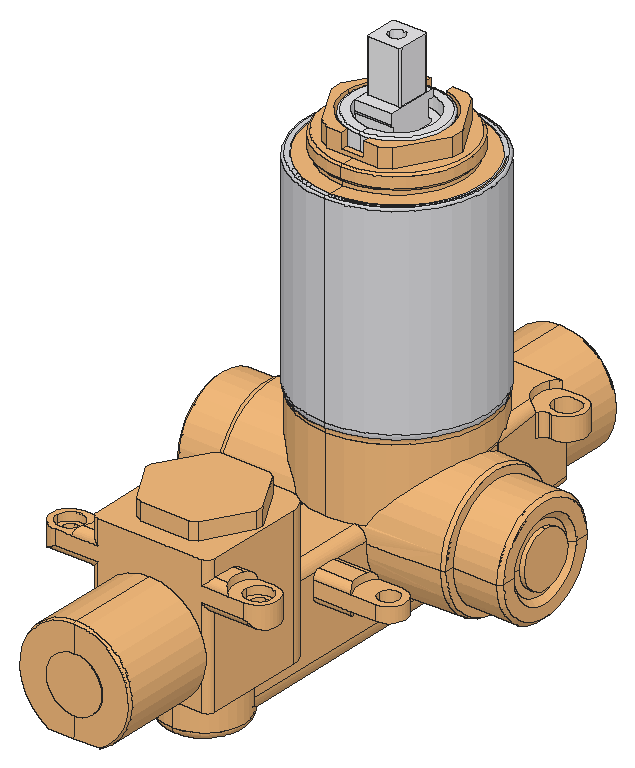
Revit family "Shower-Valve-KOHLER-NATEO-K-880A", category Plumbing Fixtures, host Face, Revit 2017
Family settings
  Host = Face
  Round Connector Dimension = Use Diameter
  Part Type = Normal
  OmniClass Number = 23.31.17.00
  OmniClass Title = Showers
  Cut with Voids When Loaded = No
  Shared = No
  Room Calculation Point = No
Parameters (values of type "CP- Polished Chrome")
  Width = 3 119/256"  # constant formula
  WaterSense Certified = 1 = 0  # no
  Waste Water Outlet = "Waste Water Outlet"  # constant formula
  Waste Connection = 1 = 0  # no
  Vent Connection = 1 = 0  # no
  URL = "https://www.kohlerasiapacific.com/"
  Type = 1
  Tempered watet outlet 1 = "Tempered watet outlet 1"  # constant formula
  Tempered water outlet 2 = "Tempered water outlet 2"  # constant formula
  Product Page URL = ""
  Product Name = "NATEO\r\n"  # constant formula
  Product Documentation Link = ""
  Pressure = 0.00 psi
  Model = if(Type = 1, "K-880A-CP", if(Type = 2, "K-880A-2BZ", if(Type = 3, "K-880A-BL", if(Type = 4, "K-880A-BV", if(Type = 5, "K-880A-RGD", if(Type = 6, "K-880A-TT", "NA"))))))  # "K-880A-CP"
  Material = "Metal construction"  # constant formula
  Master Format 2014 Name = "Residential Showers"  # constant formula
  Master Format 2014 = "22 42 23"  # constant formula
  Manufacturer Address = "No. 158 Jiang Chang San Road, Zhabei District, Shanghai, China\r\n"  # constant formula
  Manufacturer = "KOHLER Co."  # constant formula
  Length = 5 3/8"  # constant formula
  Hot Water Inlet = "Hot Water Inlet"  # constant formula
  Height = 6 127/256"  # constant formula
  HW Connection = 1 = 1  # yes
  Flow Rate = 0 GPM
  Finish = Kohler-Metal-CP-Polished_Chrome
  Environmental Product Declaration = ""
  Drain Included = 1 = 0  # no
  Description = "Recessed Shower Valve"  # constant formula
  Default Elevation = 48 1/32"
  Declare Label = ""
  Date Modified = "08/06/2020"  # constant formula
  Date Created = "08/06/2020"  # constant formula
  Copyright = "Copyright KOHLER Co."  # constant formula
  Contact Us = "https://www.kohlerasiapacific.com/contact-us"
  Cold Water Inlet = "Cold Water Inlet"  # constant formula
  CW Connection = 1 = 1  # yes
  Assembly Code = "D2010700"
  ADA Compliant = 1 = 0  # no
Reference planes (in)
  plane 1 "Center (Front/Back)": y = 0
  plane 2: z = 0
  plane 3 "Center (Left/Right)": x = 0
  plane 4: y = 2.20472
  plane 5: x = -1.73242
  plane 6: x = 1.73242
  plane 7: y = -2.55906
  plane 8: y = -4.29137
  plane 9: z = -2.46017
  plane 10: z = 2.87506
  plane 11: z = -1.43655
  plane 12: z = -2.49994
  plane 13: y = -0.19685
Forms (in)
  Extrusion 1, void
    sketch origin (0, 0, 0) x (0, 1, 0) y (0, 0, 1)
      loop
        line (2.20472, -0.49213) -> (-4.29137, -0.49213) -> (-4.29137, -2.5) -> (2.20472, -2.5) -> (2.20472, -0.49213)
    from -1.73228 to 1.73228
  Revolve 2, void
    sketch origin (0, 0, 0) x (1, 0, 0) y (0, 0, 1)
      loop
        line (0, 0.99418) -> (-0.96471, 0.99418) -> (-0.96471, -0.50899) -> (0, -0.50899) -> (0, 0.99418)
      axis (0, 0.99418) -> (0, -0.50899)
    angle from 0 to 360
  Extrusion 3, void
    sketch origin (0, 0, 0) x (1, 0, 0) y (0, 1, 0)
      loop
        arc (0.58917, -2.5974) -> (0.59045, -2.55906) -> (0.58917, -2.52071) r 0.57429
        line (0.58917, -2.52071) -> (0.32773, -2.06788)
        arc (0.32773, -2.06788) -> (0.29315, -2.04658) -> (0.25728, -2.02756) r 0.6267
        line (0.25728, -2.02756) -> (-0.25755, -2.02756)
        arc (-0.25755, -2.02756) -> (-0.29343, -2.04658) -> (-0.328, -2.06788) r 0.6267
        line (-0.328, -2.06788) -> (-0.58944, -2.52071)
        arc (-0.58944, -2.52071) -> (-0.59072, -2.55906) -> (-0.58944, -2.5974) r 0.57429
        line (-0.58944, -2.5974) -> (-0.328, -3.05023)
        arc (-0.328, -3.05023) -> (-0.29358, -3.07179) -> (-0.25755, -3.09055) r 0.51277
        line (-0.25755, -3.09055) -> (0.25728, -3.09055)
        arc (0.25728, -3.09055) -> (0.2933, -3.07179) -> (0.32773, -3.05023) r 0.51277
        line (0.32773, -3.05023) -> (0.58917, -2.5974)
    from -0.49213 to -0.24256
  Extrusion 4, void
    sketch origin (0, 0, 0) x (1, 0, 0) y (0, 1, 0)
      loop
        circle (-0.0012, 0.00049) r 0.97882
    from -0.49213 to 12
Dimensions and locks (in)
  host face to Extrusion 1 sketch curve = 2 1/2"
  "Height": plane 8 to plane 4
  equal spacing: plane 5, plane 3 "Center (Left/Right)", plane 6
  "Width": plane 5 to plane 6
  locked: plane 11 to plane 9 at 1.02362
  locked: level to plane 12 at 2.49994
  "Length": plane 10 to plane 12
  locked: plane 1 "Center (Front/Back)" to plane 7 at 2.55906
  aligned and locked: plane 2 to host face
  aligned and locked: level to host face
  aligned and locked: plane 4 to nested 1
  aligned and locked: plane 5 to nested 1
  aligned and locked: plane 6 to nested 1
  aligned and locked: plane 7 to nested 1
  aligned and locked: plane 8 to nested 1
  aligned and locked: plane 9 to nested 1
  aligned and locked: plane 10 to nested 1
  aligned and locked: plane 11 to nested 1
  aligned and locked: plane 12 to nested 1
Automatic sketch dimensions
  host sketch curve to host sketch curve = 96"  (x2)
  Extrusion 1 sketch curve to plane 8 = 0"
  Extrusion 1 sketch curve to plane 4 = 0"
  Extrusion 1 sketch curve to level = 0.49213"
  Revolve 2 sketch curve to plane 3 "Center (Left/Right)" = 0"  (x2)
  Revolve 2 sketch curve to plane 5 = 0.76771"
  Revolve 2 sketch curve to level = 0.50899"
  level to Revolve 2 sketch curve = 0.99418"
  Revolve 2 sketch curve to Revolve 2 sketch curve = 0.24418"
  Revolve 2 sketch curve to Revolve 2 sketch curve = 2.25582"
  plane 7 to Extrusion 3 sketch curve = 0"  (x2)
  Extrusion 3 sketch curve to plane 7 = 0.03835"  (x2)
  Extrusion 3 sketch curve to plane 3 "Center (Left/Right)" = 0.58944"
  plane 7 to Extrusion 3 sketch curve = 0.03835"  (x2)
  Extrusion 3 sketch curve to plane 3 "Center (Left/Right)" = 0.328"  (x2)
  Extrusion 3 sketch curve to Extrusion 3 sketch curve = 0.07045"  (x4)
  Extrusion 3 sketch curve to plane 3 "Center (Left/Right)" = 0.03888"
  Extrusion 3 sketch curve to plane 3 "Center (Left/Right)" = 0.01814"
  Extrusion 3 sketch curve to plane 3 "Center (Left/Right)" = 0.01643"
  plane 3 "Center (Left/Right)" to Extrusion 3 sketch curve = 0.01616"
  plane 3 "Center (Left/Right)" to Extrusion 3 sketch curve = 0.01786"
  plane 3 "Center (Left/Right)" to Extrusion 3 sketch curve = 0.0386"
  plane 3 "Center (Left/Right)" to Extrusion 3 sketch curve = 0.25728"  (x2)
  Extrusion 3 sketch curve to Extrusion 3 sketch curve = 0.26144"
  plane 7 to Extrusion 3 sketch curve = 0.06769"  (x2)
  plane 7 to Extrusion 3 sketch curve = 0.49118"
  plane 7 to Extrusion 3 sketch curve = 0.03145"  (x2)
  Extrusion 3 sketch curve to plane 7 = 0.49118"
  Extrusion 4 sketch curve to plane 1 "Center (Front/Back)" = 0.00049"
  Extrusion 4 sketch curve to plane 3 "Center (Left/Right)" = 0.0012"
  radius of Extrusion 4 sketch curve = 0.97882"
Nested families (in)
  nested 1: "K-880A" at (-0.00014, -4.29134, -1.43655) x (1, 0, 0) z (0, 1, 0), type "K-880A"
Connectors (in)
  piping at (-0.00014, -4.29134, -1.43655), diameter 0.5, driven by "Flow Rate", driven by "HW Connection", driven by "Tempered water outlet 2"
    settings: on nested 1, index 2, connector inside diameter 24", connector length 0", flow factor 0, pipe flow 0 GPM, pressure drop 0.00 psi, fitting loss kfactor 0, connector angle 0.00°, fixture units 0, engagement length 0", angle of deflection 0.00°, flow configuration 0, flow direction 2, fitting loss method 0, system type 19, joint type 0, gender type 0, connector reference index -1, connector utility 1, adjustable connector no, is connector primary yes, connector description "Tempered water outlet 2"
  piping at (-0.00014, 2.20472, -1.43655), diameter 0.5, driven by "Flow Rate", driven by "Tempered watet outlet 1", driven by "HW Connection"
    settings: on nested 1, index 3, connector inside diameter 24", connector length 0", flow factor 0, pipe flow 0 GPM, pressure drop 0.00 psi, fitting loss kfactor 0, connector angle 0.00°, fixture units 0, engagement length 0", angle of deflection 0.00°, flow configuration 0, flow direction 2, fitting loss method 0, system type 19, joint type 0, gender type 0, connector reference index -1, connector utility 1, adjustable connector no, is connector primary no, connector description "Tempered watet outlet 1"
  piping at (-1.73242, -0.18526, -1.43655), diameter 0.5, driven by "Flow Rate", driven by "HW Connection", driven by "Hot Water Inlet"
    settings: on nested 1, index 4, connector inside diameter 24", connector length 0", flow factor 0, pipe flow 0 GPM, pressure drop 0.00 psi, fitting loss kfactor 0, connector angle 0.00°, fixture units 0, engagement length 0", angle of deflection 0.00°, flow configuration 0, flow direction 1, fitting loss method 0, system type 19, joint type 0, gender type 0, connector reference index -1, connector utility 1, adjustable connector no, is connector primary no, connector description "Hot Water Inlet"
  piping at (1.73215, -0.18526, -1.43655), diameter 0.5, driven by "Flow Rate", driven by "CW Connection", driven by "Cold Water Inlet"
    settings: on nested 1, index 5, connector inside diameter 24", connector length 0", flow factor 0, pipe flow 0 GPM, pressure drop 0.00 psi, fitting loss kfactor 0, connector angle 0.00°, fixture units 0, engagement length 0", angle of deflection 0.00°, flow configuration 0, flow direction 1, fitting loss method 0, system type 20, joint type 0, gender type 0, connector reference index -1, connector utility 1, adjustable connector no, is connector primary no, connector description "Cold Water Inlet"
Definition of nested family "K-880A"
  Parameters (values of type "K-880A")
    Material = none
    Default Elevation = 48"
  Reference planes (in)
    plane 1 "Center (Front/Back)": y = 0
    plane 2: z = 0
    plane 3 "Center (Left/Right)": x = 0
    plane 4: z = 6.49606
    plane 5: x = 1.73228
    plane 6: x = -1.73228
    plane 7: y = 1.02362
    plane 8 "2": z = 4.29134
    plane 9: z = 1.73228
    plane 10: z = 1.73228
    plane 11: y = -4.31057
    plane 12: z = 0
    plane 13: y = 1.06339
    plane 14: z = 4.09449
  Forms (in)
    Revolve 1, solid, detail levels medium+fine
      sketch origin (0, 0, 0) x (0, 1, 0) y (0, 0, 1)
        loop
          line (0, 6.43701) -> (-0.3588, 6.43701) -> (-0.41785, 6.49606) -> (-0.55549, 6.49606) -> (-0.59055, 6.461) -> (-0.59055, 5.55118) -> (-0.63166, 5.55118) -> (-0.63166, 3.67118) -> (0, 3.67118) -> (0, 6.43701)
        axis (0, 6.49606) -> (0, 3.67118)
      angle from 0 to 360
    Revolve 2, solid, material <- "Material", detail levels medium+fine
      sketch origin (0, 0, 0) x (0, 1, 0) y (0, 0, 1)
        loop
          line (-3.11447, 4.29134) -> (-0.98258, 4.29134) -> (-0.98258, 5.24601)
          arc (-0.98258, 5.24601) -> (-1.00849, 5.25341) -> (-1.03532, 5.25591) r 0.14554
          line (-1.03532, 5.25591) -> (-3.16592, 5.25591)
          arc (-3.16592, 5.25591) -> (-3.1819, 5.24929) -> (-3.18852, 5.23331) r 0.0226
          line (-3.18852, 5.23331) -> (-3.18852, 5.18682) -> (-3.11447, 5.18682) -> (-3.11447, 4.29134)
        axis (-3.18852, 4.29134) -> (-0.98258, 4.29134)
      angle from 0 to 360
    Extrusion 3, solid, detail levels medium+fine
      sketch origin (0, 0, 0) x (1, 0, 0) y (0, 0, 1)
        loop
          arc (0.64674, 4.23043) -> (0.64964, 4.29134) -> (0.64674, 4.35225) r 0.64125
          line (0.64674, 4.35225) -> (0.37612, 4.82098)
          arc (0.37612, 4.82098) -> (0.3248, 4.85392) -> (0.27062, 4.88189) r 0.64924
          line (0.27062, 4.88189) -> (-0.27062, 4.88189)
          arc (-0.27062, 4.88189) -> (-0.3248, 4.85392) -> (-0.37612, 4.82098) r 0.64924
          line (-0.37612, 4.82098) -> (-0.64674, 4.35225)
          arc (-0.64674, 4.35225) -> (-0.64964, 4.29134) -> (-0.64674, 4.23043) r 0.64125
          line (-0.64674, 4.23043) -> (-0.37612, 3.7617)
          arc (-0.37612, 3.7617) -> (-0.32479, 3.72878) -> (-0.27062, 3.70079) r 0.65421
          line (-0.27062, 3.70079) -> (0.27062, 3.70079)
          arc (0.27062, 3.70079) -> (0.32479, 3.72878) -> (0.37612, 3.7617) r 0.65421
          line (0.37612, 3.7617) -> (0.64674, 4.23043)
        loop
          circle (0, 4.29134) r 0.52877
      from 3.37521 to 3.59403
    Extrusion 4, void, detail levels medium+fine
      sketch origin (0, 0, 0) x (1, 0, 0) y (0, 0, 1)
        loop
          line (-0.11811, 4.91623) -> (-0.11811, 4.79455)
          arc (-0.11811, 4.79455) -> (0, 4.80942) -> (0.11811, 4.79455) r 0.47636
          line (0.11811, 4.79455) -> (0.11811, 4.91623) -> (-0.11811, 4.91623)
        loop
          line (-0.11811, 3.66645) -> (0.11811, 3.66645) -> (0.11811, 3.78813)
          arc (0.11811, 3.78813) -> (0, 3.77326) -> (-0.11811, 3.78813) r 0.47636
          line (-0.11811, 3.78813) -> (-0.11811, 3.66645)
      from 3.43655 to 3.85598
    Extrusion 5, solid, detail levels medium+fine
      sketch origin (0, 0, 0) x (0, 1, 0) y (0, 0, 1)
        loop
          line (-3.52753, 4.45669) -> (-3.68065, 4.45669) -> (-3.68065, 4.50007)
          arc (-3.68065, 4.50007) -> (-3.68639, 4.51394) -> (-3.70026, 4.51969) r 0.01962
          line (-3.70026, 4.51969) -> (-3.75939, 4.51969) -> (-3.75939, 3.97244) -> (-3.65112, 3.97244)
          arc (-3.65112, 3.97244) -> (-3.63574, 3.97964) -> (-3.63143, 3.99606) r 0.02001
          line (-3.63143, 3.99606) -> (-3.44192, 3.99606) -> (-3.44192, 4.49507) -> (-3.48339, 4.49507) -> (-3.52753, 4.45669)
      from -0.19685 to 0.19685
    Extrusion 6, solid, detail levels medium+fine
      sketch origin (0, 0, 0) x (1, 0, 0) y (0, 0, 1)
        loop
          arc (0.17717, 4.44882) -> (0.1714, 4.46274) -> (0.15748, 4.4685) r 0.01969
          line (0.15748, 4.4685) -> (-0.15718, 4.4685)
          arc (-0.15718, 4.4685) -> (-0.17131, 4.46265) -> (-0.17717, 4.44852) r 0.01999
          line (-0.17717, 4.44852) -> (-0.17717, 4.13386)
          arc (-0.17717, 4.13386) -> (-0.1714, 4.11994) -> (-0.15748, 4.11417) r 0.01969
          line (-0.15748, 4.11417) -> (0.15748, 4.11417)
          arc (0.15748, 4.11417) -> (0.1714, 4.11994) -> (0.17717, 4.13386) r 0.01969
          line (0.17717, 4.13386) -> (0.17717, 4.44882)
      from 3.75939 to 4.31057
    Revolve 7, solid, detail levels medium+fine
      sketch origin (0, 0, 0) x (1, 0, 0) y (0, 0, 1)
        loop
          line (-1.67323, 4.09449) -> (1.67323, 4.09449) -> (1.67323, 4.45374) -> (1.73228, 4.5128) -> (1.73228, 4.64564) -> (1.69289, 4.68504) -> (1.22047, 4.68504) -> (1.22047, 4.76876)
          arc (1.22047, 4.76876) -> (1.19905, 4.78049) -> (1.17511, 4.78528) r 0.08072
          arc (1.17511, 4.78528) -> (0.00002, 4.81196) -> (-1.17507, 4.78528) r 25.88884
          arc (-1.17507, 4.78528) -> (-1.19901, 4.78054) -> (-1.22047, 4.76894) r 0.08163
          line (-1.22047, 4.76894) -> (-1.22047, 4.68505) -> (-1.69288, 4.68505) -> (-1.73228, 4.64564) -> (-1.73228, 4.5128) -> (-1.67323, 4.45374) -> (-1.67323, 4.09449)
        axis (1.73228, 4.09449) -> (-1.73228, 4.09449)
      angle from 0 to 360
    Extrusion 8, solid, detail levels medium+fine
      sketch origin (0, 0, 0) x (1, 0, 0) y (0, 1, 0)
        loop
          arc (-0.19685, 1.02362) -> (-0.33604, 0.96597) -> (-0.3937, 0.82677) r 0.19685
          line (-0.3937, 0.82677) -> (-0.3937, -0.01923)
          arc (-0.3937, -0.01923) -> (-0.35911, -0.10275) -> (-0.27559, -0.13734) r 0.11811
          line (-0.27559, -0.13734) -> (0.27559, -0.13734)
          arc (0.27559, -0.13734) -> (0.35911, -0.10275) -> (0.3937, -0.01923) r 0.11811
          line (0.3937, -0.01923) -> (0.3937, 0.82677)
          arc (0.3937, 0.82677) -> (0.33604, 0.96597) -> (0.19685, 1.02362) r 0.19685
          line (0.19685, 1.02362) -> (-0.19685, 1.02362)
      from 1.77559 to 5.55118
    Extrusion 9, void
      sketch origin (0, 0, 0) x (0, 1, 0) y (0, 0, 1)
        loop
          arc (0.62992, 5.55118) -> (0.90831, 5.43587) -> (1.02362, 5.15748) r 0.3937
          line (1.02362, 5.15748) -> (1.02362, 5.55118) -> (0.62992, 5.55118)
      from -2.00851 to 3.20253
    SweptBlend 10, solid, detail levels medium+fine
      path origin (0, 0, 0) x (1, 0, 0) y (0, 0, 1)
        loop
          line (0, 5.49213) -> (0, 4.31102)
      profile origin (0, 0, 5.49213) x (0, -1, 0) y (1, 0, 0)
        loop
          arc (0.68852, -0.83632) -> (0.7442, -0.81326) -> (0.76726, -0.75758) r 0.07874
          line (0.76726, -0.75758) -> (0.76726, 0.75758)
          arc (0.76726, 0.75758) -> (0.7442, 0.81326) -> (0.68852, 0.83632) r 0.07874
          line (0.68852, 0.83632) -> (-0.13854, 0.83632)
          arc (-0.13854, 0.83632) -> (-0.19401, 0.81334) -> (-0.21699, 0.75787) r 0.07845
          line (-0.21699, 0.75787) -> (-0.21699, 0.64422)
          arc (-0.21699, 0.64422) -> (-0.23124, 0.59283) -> (-0.26992, 0.55612) r 0.09977
          line (-0.26992, 0.55612) -> (-0.26992, -0.55612)
          arc (-0.26992, -0.55612) -> (-0.23124, -0.59283) -> (-0.21699, -0.64422) r 0.09977
          line (-0.21699, -0.64422) -> (-0.21699, -0.75787)
          arc (-0.21699, -0.75787) -> (-0.19401, -0.81334) -> (-0.13854, -0.83632) r 0.07845
          line (-0.13854, -0.83632) -> (0.68852, -0.83632)
      end profile origin (0, 0, 4.31102) x (0, -1, 0) y (1, 0, 0)
        loop
          arc (0.64915, -0.94488) -> (0.73267, -0.91029) -> (0.76726, -0.82677) r 0.11811
          line (0.76726, -0.82677) -> (0.76726, 0.82677)
          arc (0.76726, 0.82677) -> (0.73267, 0.91029) -> (0.64915, 0.94488) r 0.11811
          line (0.64915, 0.94488) -> (-0.13825, 0.94488)
          arc (-0.13825, 0.94488) -> (-0.19393, 0.92182) -> (-0.21699, 0.86614) r 0.07874
          line (-0.21699, 0.86614) -> (-0.21699, 0.64422)
          arc (-0.21699, 0.64422) -> (-0.23118, 0.59305) -> (-0.2697, 0.5565) r 0.09934
          line (-0.2697, 0.5565) -> (-0.2697, 0) -> (-0.2697, -0.5565)
          arc (-0.2697, -0.5565) -> (-0.23118, -0.59305) -> (-0.21699, -0.64422) r 0.09934
          line (-0.21699, -0.64422) -> (-0.21699, -0.86614)
          arc (-0.21699, -0.86614) -> (-0.19393, -0.92182) -> (-0.13825, -0.94488) r 0.07874
          line (-0.13825, -0.94488) -> (0.64915, -0.94488)
    Extrusion 11, solid, detail levels medium+fine
      sketch origin (0, 0, 0) x (1, 0, 0) y (0, 0, 1)
        loop
          line (-0.68969, 5.49213) -> (-1.00394, 5.49213)
          arc (-1.00394, 5.49213) -> (-1.20079, 5.29528) -> (-1.00394, 5.09843) r 0.19685
          line (-1.00394, 5.09843) -> (-0.96554, 5.09843)
          arc (-0.96554, 5.09843) -> (-0.92359, 5.08637) -> (-0.89445, 5.05388) r 0.079
          arc (-0.89445, 5.05388) -> (-0.87191, 5.02875) -> (-0.83947, 5.01943) r 0.06109
          line (-0.83947, 5.01943) -> (-0.68969, 5.01943) -> (-0.68969, 5.49213)
        loop
          line (0.68969, 5.49213) -> (0.68969, 5.01943) -> (0.83994, 5.01943)
          arc (0.83994, 5.01943) -> (0.87143, 5.02573) -> (0.89263, 5.04984) r 0.05013
          arc (0.89263, 5.04984) -> (0.92173, 5.08517) -> (0.96554, 5.09843) r 0.079
          line (0.96554, 5.09843) -> (1.00394, 5.09843)
          arc (1.00394, 5.09843) -> (1.20079, 5.29528) -> (1.00394, 5.49213) r 0.19685
          line (1.00394, 5.49213) -> (0.68969, 5.49213)
        loop
          circle (-1.00394, 5.29528) r 0.08225
        loop
          circle (1.00394, 5.29528) r 0.08225
      from 0.4523 to 0.68852
    Extrusion 12, void, detail levels medium+fine
      sketch origin (0, 0, 0) x (1, 0, 0) y (0, 0, 1)
        loop
          arc (-0.71601, 5.41339) -> (-0.77351, 5.48258) -> (-0.86011, 5.50696) r 0.15146
          line (-0.86011, 5.50696) -> (-0.91287, 5.05121)
          arc (-0.91287, 5.05121) -> (-0.86223, 5.03378) -> (-0.81159, 5.05121) r 0.08228
          arc (-0.81159, 5.05121) -> (-0.7028, 5.2162) -> (-0.71601, 5.41339) r 0.30956
      from 0.68852 to 0.82632
    Extrusion 13, void, detail levels medium+fine
      sketch origin (0, 0, 0) x (-1, 0, 0) y (0, 0, -1)
        loop
          arc (-0.71601, -5.41339) -> (-0.7028, -5.2162) -> (-0.81159, -5.05121) r 0.30956
          arc (-0.81159, -5.05121) -> (-0.85275, -5.03433) -> (-0.89669, -5.04135) r 0.08228
          line (-0.89669, -5.04135) -> (-0.84285, -5.50645)
          arc (-0.84285, -5.50645) -> (-0.7664, -5.47767) -> (-0.71601, -5.41339) r 0.15146
      from 0.68852 to 0.82632
    Extrusion 14, void, detail levels medium+fine
      sketch origin (0, 0, 0) x (-1, 0, 0) y (0, 0, -1)
        loop
          circle (1.00362, -5.29501) r 0.14173
      from 0.5315 to 1.83025
    Extrusion 15, void, detail levels medium+fine
      sketch origin (0, 0, 0) x (1, 0, 0) y (0, 0, 1)
        loop
          circle (1.00362, 5.29501) r 0.14173
      from 0.5315 to 1.83025
    Extrusion 16, solid, detail levels medium+fine
      sketch origin (0, 0, 0) x (1, 0, 0) y (0, 0, 1)
        loop
          line (0.39349, 2.36221) -> (-0.39393, 2.36221)
          arc (-0.39393, 2.36221) -> (-0.5608, 2.29309) -> (-0.62992, 2.12621) r 0.23599
          line (-0.62992, 2.12621) -> (-0.62992, 1.08193)
          arc (-0.62992, 1.08193) -> (-0.60708, 1.02678) -> (-0.55193, 1.00394) r 0.07799
          line (-0.55193, 1.00394) -> (0.55193, 1.00394)
          arc (0.55193, 1.00394) -> (0.60708, 1.02678) -> (0.62992, 1.08193) r 0.07799
          line (0.62992, 1.08193) -> (0.62992, 2.12578)
          arc (0.62992, 2.12578) -> (0.56067, 2.29296) -> (0.39349, 2.36221) r 0.23643
      from -0.51227 to 0.94443
    Revolve 17, solid, detail levels medium+fine
      sketch origin (0, 0, 0) x (0, 1, 0) y (0, 0, 1)
        loop
          line (0.59101, 1.30906) -> (0.98471, 1.30906)
          arc (0.98471, 1.30906) -> (1.04039, 1.33212) -> (1.06345, 1.3878) r 0.07874
          line (1.06345, 1.3878) -> (1.06345, 1.73228) -> (0.51227, 1.73228) -> (0.51227, 1.23032)
          arc (0.51227, 1.23032) -> (0.53533, 1.286) -> (0.59101, 1.30906) r 0.07874
        axis (1.06345, 1.73228) -> (0.51227, 1.73228)
      angle from 0 to 360
    Extrusion 18, solid, detail levels medium+fine
      sketch origin (0, 0, 0) x (1, 0, 0) y (0, 0, 1)
        loop
          arc (0.32786, 2.22346) -> (0.29329, 2.24476) -> (0.25742, 2.26378) r 0.6267
          line (0.25742, 2.26378) -> (-0.25742, 2.26378)
          arc (-0.25742, 2.26378) -> (-0.29329, 2.24476) -> (-0.32786, 2.22346) r 0.6267
          line (-0.32786, 2.22346) -> (-0.5893, 1.77063)
          arc (-0.5893, 1.77063) -> (-0.59059, 1.73228) -> (-0.5893, 1.69393) r 0.57429
          line (-0.5893, 1.69393) -> (-0.32786, 1.24111)
          arc (-0.32786, 1.24111) -> (-0.29344, 1.21955) -> (-0.25742, 1.20079) r 0.51277
          line (-0.25742, 1.20079) -> (0.25742, 1.20079)
          arc (0.25742, 1.20079) -> (0.29344, 1.21955) -> (0.32786, 1.24111) r 0.51277
          line (0.32786, 1.24111) -> (0.5893, 1.69393)
          arc (0.5893, 1.69393) -> (0.59059, 1.73228) -> (0.5893, 1.77063) r 0.57429
          line (0.5893, 1.77063) -> (0.32786, 2.22346)
      from 0.94443 to 1.12159
    Revolve 19, solid, detail levels medium+fine
      sketch origin (0, 0.00735, 0) x (0, 1, 0) y (0, 0, 1)
        loop
          line (-0.00735, 1.09495) -> (-0.59744, 1.09495) -> (-0.59744, 0.03937)
          arc (-0.59744, 0.03937) -> (-0.59475, 0.01899) -> (-0.58689, 0) r 0.07874
          line (-0.58689, 0) -> (-0.00735, 0) -> (-0.00735, 1.09495)
        axis (-0.00735, 0) -> (-0.00735, 1.09495)
      angle from 0 to 360
    Extrusion 20, solid, detail levels medium+fine
      sketch origin (0, 0, 0) x (0, 1, 0) y (0, 0, 1)
        loop
          arc (0.04115, 3.0315) -> (-0.01546, 3.00805) -> (-0.03891, 2.95143) r 0.08006
          line (-0.03891, 2.95143) -> (-0.03891, 2.75591)
          arc (-0.03891, 2.75591) -> (-0.01585, 2.70023) -> (0.03983, 2.67717) r 0.07875
          line (0.03983, 2.67717) -> (0.19922, 2.67717)
          arc (0.19922, 2.67717) -> (0.25355, 2.69967) -> (0.27605, 2.75399) r 0.07682
          line (0.27605, 2.75399) -> (0.27605, 2.95419)
          arc (0.27605, 2.95419) -> (0.2534, 3.00885) -> (0.19874, 3.0315) r 0.07731
          line (0.19874, 3.0315) -> (0.04115, 3.0315)
      from 0.19685 to 0.87661
    Extrusion 21, void, detail levels medium+fine
      sketch origin (0, 0, 0) x (1, 0, 0) y (0, 0, 1)
        loop
          line (-0.80258, 3.0315) -> (-0.91954, 3.0315) -> (-0.91954, 2.67717) -> (-0.80258, 2.67717)
          arc (-0.80258, 2.67717) -> (-0.74738, 2.85433) -> (-0.80258, 3.0315) r 0.3119
      from -0.03983 to 0.289
    Extrusion 22, void, detail levels medium+fine
      sketch origin (0, 0.23989, 0) x (1, 0, 0) y (0, 0, -1)
        loop
          arc (-0.80258, -3.0315) -> (-0.74738, -2.85433) -> (-0.80258, -2.67717) r 0.3119
          line (-0.80258, -2.67717) -> (-0.91954, -2.67717) -> (-0.91954, -3.0315) -> (-0.80258, -3.0315)
      from -0.03983 to 0.289
    Extrusion 23, void, detail levels medium+fine
      sketch origin (0, 0, 0) x (-1, 0, 0) y (0, 0, -1)
        loop
          arc (-0.80258, -3.0315) -> (-0.74738, -2.85433) -> (-0.80258, -2.67717) r 0.3119
          line (-0.80258, -2.67717) -> (-0.91954, -2.67717) -> (-0.91954, -3.0315) -> (-0.80258, -3.0315)
      from -0.03983 to 0.289
    Extrusion 24, void, detail levels medium+fine
      sketch origin (0, 0.23989, 0) x (-1, 0, 0) y (0, 0, 1)
        loop
          line (-0.80258, 3.0315) -> (-0.91954, 3.0315) -> (-0.91954, 2.67717) -> (-0.80258, 2.67717)
          arc (-0.80258, 2.67717) -> (-0.74738, 2.85433) -> (-0.80258, 3.0315) r 0.3119
      from -0.03983 to 0.289
    Extrusion 25, solid, detail levels medium+fine
      sketch origin (0, 0, 0) x (0, 1, 0) y (0, 0, -1)
        loop
          line (0.04115, -3.0315) -> (0.19874, -3.0315)
          arc (0.19874, -3.0315) -> (0.2534, -3.00885) -> (0.27605, -2.95419) r 0.07731
          line (0.27605, -2.95419) -> (0.27605, -2.75399)
          arc (0.27605, -2.75399) -> (0.25355, -2.69967) -> (0.19922, -2.67717) r 0.07682
          line (0.19922, -2.67717) -> (0.03983, -2.67717)
          arc (0.03983, -2.67717) -> (-0.01585, -2.70023) -> (-0.03891, -2.75591) r 0.07875
          line (-0.03891, -2.75591) -> (-0.03891, -2.95143)
          arc (-0.03891, -2.95143) -> (-0.01546, -3.00805) -> (0.04115, -3.0315) r 0.08006
      from 0.19685 to 0.87661
    Extrusion 26, solid, detail levels medium+fine
      sketch origin (0, 0, 0) x (1, 0, 0) y (0, 0, 1)
        loop
          line (0.87661, 3.0315) -> (0.87661, 2.67717) -> (1.06299, 2.67717)
          arc (1.06299, 2.67717) -> (1.24016, 2.85433) -> (1.06299, 3.0315) r 0.17717
          line (1.06299, 3.0315) -> (0.87661, 3.0315)
        loop
          circle (1.06299, 2.85433) r 0.1066
      from -0.19731 to -0.03983
    Extrusion 27, solid, detail levels medium+fine
      sketch origin (0, 0, 0) x (-1, 0, 0) y (0, 0, -1)
        loop
          line (0.87661, -3.0315) -> (1.06299, -3.0315)
          arc (1.06299, -3.0315) -> (1.24016, -2.85433) -> (1.06299, -2.67717) r 0.17717
          line (1.06299, -2.67717) -> (0.87661, -2.67717) -> (0.87661, -3.0315)
        loop
          circle (1.06299, -2.85433) r 0.10825
      from -0.19731 to -0.03983
    Extrusion 28, solid, detail levels medium+fine
      sketch origin (0, 0, 0) x (0, 1, 0) y (0, 0, 1)
        loop
          arc (-0.68801, 1.39764) -> (-0.74477, 1.37413) -> (-0.76828, 1.31737) r 0.08027
          line (-0.76828, 1.31737) -> (-0.76828, 1.0825)
          arc (-0.76828, 1.0825) -> (-0.74527, 1.02695) -> (-0.68972, 1.00394) r 0.07856
          line (-0.68972, 1.00394) -> (-0.53104, 1.00394)
          arc (-0.53104, 1.00394) -> (-0.47536, 1.027) -> (-0.4523, 1.08268) r 0.07874
          line (-0.4523, 1.08268) -> (-0.4523, 1.31802)
          arc (-0.4523, 1.31802) -> (-0.47562, 1.37432) -> (-0.53192, 1.39764) r 0.07962
          line (-0.53192, 1.39764) -> (-0.68801, 1.39764)
      from 0.1377 to 1.22434
    Extrusion 29, void, detail levels medium+fine
      sketch origin (0, 0, 0) x (1, 0, 0) y (0, 0, 1)
        loop
          arc (0.82541, 1.39764) -> (0.74272, 1.20079) -> (0.82541, 1.00394) r 0.27565
          line (0.82541, 1.00394) -> (1.28403, 1.00394) -> (1.28403, 1.39764) -> (0.82541, 1.39764)
      from 0.68852 to 1.83025
    Extrusion 30, void
      sketch origin (0, 0, 0) x (1, 0, 0) y (0, 0, 1)
        loop
          arc (1.00394, 1.39764) -> (1.20079, 1.20079) -> (1.00394, 1.00394) r 0.19685
          line (1.00394, 1.00394) -> (1.29402, 1.00394) -> (1.29402, 1.39764) -> (1.00394, 1.39764)
      from 0 to 1.67277
    Extrusion 31, void
      sketch origin (0, 0, 0) x (1, 0, 0) y (0, 0, 1)
        loop
          circle (1.00272, 1.20016) r 0.14173
      from 0.60651 to 3.18852
    Extrusion 32, void
      sketch origin (0, 0, 0) x (1, 0, 0) y (0, 0, 1)
        loop
          circle (1.00387, 1.20072) r 0.08268
      from -1.60727 to 1.02111
    Extrusion 33, solid, detail levels medium+fine
      sketch origin (0, 0, 0) x (0, 1, 0) y (0, 0, -1)
        loop
          line (-0.68801, -1.39764) -> (-0.53192, -1.39764)
          arc (-0.53192, -1.39764) -> (-0.47562, -1.37432) -> (-0.4523, -1.31802) r 0.07962
          line (-0.4523, -1.31802) -> (-0.4523, -1.08268)
          arc (-0.4523, -1.08268) -> (-0.47536, -1.027) -> (-0.53104, -1.00394) r 0.07874
          line (-0.53104, -1.00394) -> (-0.68972, -1.00394)
          arc (-0.68972, -1.00394) -> (-0.74527, -1.02695) -> (-0.76828, -1.0825) r 0.07856
          line (-0.76828, -1.0825) -> (-0.76828, -1.31737)
          arc (-0.76828, -1.31737) -> (-0.74477, -1.37413) -> (-0.68801, -1.39764) r 0.08027
      from 0.1377 to 1.22434
    Extrusion 34, void, detail levels medium+fine
      sketch origin (0, 0, 0) x (-1, 0, 0) y (0, 0, -1)
        loop
          line (0.82541, -1.39764) -> (1.28403, -1.39764) -> (1.28403, -1.00394) -> (0.82541, -1.00394)
          arc (0.82541, -1.00394) -> (0.74272, -1.20079) -> (0.82541, -1.39764) r 0.27565
      from 0.68852 to 1.83025
    Extrusion 35, void
      sketch origin (0, 0, 0) x (-1, 0, 0) y (0, 0, -1)
        loop
          line (1.00394, -1.39764) -> (1.29402, -1.39764) -> (1.29402, -1.00394) -> (1.00394, -1.00394)
          arc (1.00394, -1.00394) -> (1.20079, -1.20079) -> (1.00394, -1.39764) r 0.19685
      from 0 to 1.67277
    Extrusion 36, void
      sketch origin (0, 0, 0) x (-1, 0, 0) y (0, 0, -1)
        loop
          circle (1.00272, -1.20016) r 0.14173
      from 0.60651 to 3.18852
    Extrusion 37, void
      sketch origin (0, 0, 0) x (-1, 0, 0) y (0, 0, -1)
        loop
          circle (1.00387, -1.20072) r 0.08268
      from -1.60727 to 1.02111
    Extrusion 38, void
      sketch origin (0, 0, 0) x (1, 0, 0) y (0, 0, 1)
        loop
          circle (-0.00106, 4.29183) r 0.08268
      from 2.40877 to 5.36699
    Extrusion 39, void
      sketch origin (0, 0, 0) x (1, 0, 0) y (0, 1, 0)
        loop
          line (0.32579, 0.51227) -> (0.32579, 0.61637) -> (-0.34239, 0.61637) -> (-0.34239, 0.51227) -> (0.32579, 0.51227)
      from 0 to 1.12205
    Revolve 40, solid, material <- "Material", detail levels coarse
      sketch origin (0, 0, 0) x (0, 1, 0) y (0, 0, 1)
        loop
          line (-3.75939, 4.29134) -> (0.12373, 4.29134) -> (0.12373, 5.25591) -> (-3.75939, 5.25591) -> (-3.75939, 4.29134)
        axis (-3.75939, 4.29134) -> (0.12373, 4.29134)
      angle from 0 to 360
    Extrusion 41, solid, detail levels coarse
      sketch origin (0, 0, 0) x (0, 1, 0) y (0, 0, 1)
        loop
          line (-3.75939, 4.4685) -> (-4.31057, 4.4685) -> (-4.31057, 4.11417) -> (-3.75939, 4.11417) -> (-3.75939, 4.4685)
      from -0.17717 to 0.17717
    Revolve 42, solid, detail levels coarse
      sketch origin (0, 0, 0) x (0, 1, 0) y (0, 0, 1)
        loop
          line (0, 6.49606) -> (0, 4.97249) -> (0.59055, 4.97249) -> (0.59055, 6.49606) -> (0, 6.49606)
        axis (0, 6.49606) -> (0, 4.97249)
      angle from 0 to 360
    Revolve 43, solid, detail levels coarse
      sketch origin (0, 0, 0) x (1, 0, 0) y (0, 0, 1)
        loop
          line (-1.73228, 4.09449) -> (1.73228, 4.09449) -> (1.73228, 4.78528) -> (-1.73228, 4.78528) -> (-1.73228, 4.09449)
        axis (-1.73228, 4.09449) -> (1.73228, 4.09449)
      angle from 0 to 360
    Extrusion 44, solid, detail levels coarse
      sketch origin (0, 0, 0) x (1, 0, 0) y (0, 1, 0)
        loop
          line (-1.20079, -0.68852) -> (1.22047, -0.68852) -> (1.22047, 0.27761) -> (-1.20079, 0.27761) -> (-1.20079, -0.68852)
      from 4.11417 to 5.49213
    Extrusion 45, solid, detail levels coarse
      sketch origin (0, 0, 0) x (0, 1, 0) y (0, 0, 1)
        loop
          line (-0.13734, 1.73228) -> (1.02362, 1.73228) -> (1.02362, 5.55118) -> (-0.13734, 5.55118) -> (-0.13734, 1.73228)
      from -0.3937 to 0.3937
    Extrusion 46, solid, detail levels coarse
      sketch origin (0, 0, 0) x (1, 0, 0) y (0, 0, 1)
        loop
          line (-0.62992, 1.00394) -> (0.62992, 1.00394) -> (0.62992, 2.36421) -> (-0.62992, 2.36421) -> (-0.62992, 1.00394)
      from -0.51227 to 0.94443
    Extrusion 47, solid, detail levels coarse
      sketch origin (0, 0, 0) x (1, 0, 0) y (0, 0, 1)
        loop
          line (-0.30459, 2.26378) -> (-0.61145, 1.73228) -> (-0.30459, 1.20079) -> (0.30459, 1.20079) -> (0.61145, 1.73228) -> (0.30459, 2.26378) -> (-0.30459, 2.26378)
      from 0.94443 to 1.12159
    Revolve 48, solid, detail levels coarse
      sketch origin (0, 0, 0) x (0, 1, 0) y (0, 0, 1)
        loop
          line (1.06339, 1.73228) -> (0.23753, 1.73228) -> (0.23753, 1.3058) -> (1.06339, 1.3058) -> (1.06339, 1.73228)
        axis (1.06339, 1.73228) -> (0.23753, 1.73228)
      angle from 0 to 360
    Revolve 49, solid, detail levels coarse
      sketch origin (0, 0, 0) x (0, 1, 0) y (0, 0, 1)
        loop
          line (0, 0) -> (0, 1.00394) -> (-0.59009, 1.00394) -> (-0.59009, 0) -> (0, 0)
        axis (0, 0) -> (0, 1.00394)
      angle from 0 to 360
    Extrusion 50, solid, detail levels coarse
      sketch origin (0, 0, 0) x (0, 1, 0) y (0, 0, 1)
        loop
          line (-0.4523, 1.39764) -> (-0.76828, 1.39764) -> (-0.76828, 1.00394) -> (-0.4523, 1.00394) -> (-0.4523, 1.39764)
        loop
          line (-0.03891, 3.0315) -> (-0.03891, 2.67717) -> (0.27605, 2.67717) -> (0.27605, 3.0315) -> (-0.03891, 3.0315)
      from -1.24898 to 1.24518
    Extrusion 51, solid
      sketch origin (0, 0, 0) x (1, 0, 0) y (0, 1, 0)
        loop
          circle (0, 0) r 0.29654
      from 0 to 0.35207
    Extrusion 52, solid
      sketch origin (0, 0, 0) x (1, 0, 0) y (0, 1, 0)
        loop
          circle (0, 0) r 0.34157
      from 5.91752 to 6.49606
    Extrusion 53, solid
      sketch origin (0, 0, 0) x (0, 1, 0) y (0, 0, 1)
        loop
          circle (0, 4.10608) r 0.28611
      from -1.73228 to 1.73228
    Revolve 54, solid, detail levels medium+fine
      sketch origin (0, 0, 0) x (0, 1, 0) y (0, 0, 1)
        loop
          line (-3.18852, 5.00984) -> (-3.22986, 5.00984) -> (-3.25943, 5.03941) -> (-3.37521, 5.03941) -> (-3.39718, 5.01744) -> (-3.39718, 4.29134) -> (-3.04403, 4.29134) -> (-3.04403, 5.20621) -> (-3.18852, 5.20621) -> (-3.18852, 5.00984)
        axis (-3.39718, 4.29134) -> (-3.04403, 4.29134)
      angle from 0 to 360
    Revolve 55, solid, detail levels medium+fine
      sketch origin (0, 0, 0) x (0, 1, 0) y (0, 0, 1)
        loop
          line (-0.01723, 4.29134) -> (-0.01723, 5.23623) -> (-0.93353, 5.23623)
          arc (-0.93353, 5.23623) -> (-0.95854, 5.2387) -> (-0.98258, 5.24601) r 0.12779
          line (-0.98258, 5.24601) -> (-0.98258, 4.29134) -> (-0.01723, 4.29134)
        axis (-0.98258, 4.29134) -> (-0.01723, 4.29134)
      angle from 0 to 360
    Revolve 56, solid, detail levels medium+fine
      sketch origin (0, 0, 0) x (0, 1, 0) y (0, 0, 1)
        loop
          arc (-3.57043, 4.79261) -> (-3.58712, 4.78569) -> (-3.59403, 4.76901) r 0.0236
          line (-3.59403, 4.76901) -> (-3.59403, 4.67946) -> (-3.45827, 4.67946) -> (-3.45827, 4.29134) -> (-3.39718, 4.29134) -> (-3.39718, 4.79261) -> (-3.57043, 4.79261)
        axis (-3.59403, 4.29134) -> (-3.39718, 4.29134)
      angle from 0 to 360
  Cuts and joins
    Extrusion 38 cuts Revolve 7
    Extrusion 9, Extrusion 38, Extrusion 39 cuts Extrusion 8
    Extrusion 12, Extrusion 13, Extrusion 14, Extrusion 15, Extrusion 38, Extrusion 39 cuts SweptBlend 10
    Extrusion 14, Extrusion 15, Extrusion 38, Extrusion 39 cuts Extrusion 11
    Extrusion 21, Extrusion 22, Extrusion 23, Extrusion 24, Extrusion 38, Extrusion 39 cuts Extrusion 20
    Extrusion 21, Extrusion 22, Extrusion 38, Extrusion 39 cuts Extrusion 25
    Extrusion 38, Extrusion 39 cuts Extrusion 26
    Extrusion 38, Extrusion 39 cuts Extrusion 27
    joined: Revolve 7, Extrusion 8, SweptBlend 10, Extrusion 11, Extrusion 20, Extrusion 25, Extrusion 26, Extrusion 27
    Extrusion 39 cuts Extrusion 16
    Extrusion 39 cuts Revolve 17
    Extrusion 39 cuts Extrusion 18
    Extrusion 39 cuts Revolve 19
    Extrusion 29, Extrusion 30, Extrusion 31, Extrusion 32, Extrusion 34, Extrusion 35, Extrusion 36, Extrusion 37, Extrusion 39 cuts Extrusion 28
    Extrusion 34, Extrusion 35, Extrusion 36, Extrusion 37, Extrusion 39 cuts Extrusion 33
    joined: Extrusion 16, Revolve 17, Extrusion 18, Revolve 19, Extrusion 28, Extrusion 33
    Extrusion 30, Extrusion 35 cuts Extrusion 50
    joined: Extrusion 44, Extrusion 45, Extrusion 46, Extrusion 47, Revolve 48, Revolve 49, Extrusion 50
    Extrusion 4, Extrusion 38 cuts Extrusion 3
    joined: Extrusion 3, Revolve 54
    Extrusion 38 cuts Extrusion 5
    Extrusion 38 cuts Extrusion 6
    joined: Extrusion 5, Extrusion 6
    Extrusion 4, Extrusion 38 cuts Revolve 2
    Extrusion 38 cuts Revolve 1
  Lines and regions (in)
    Masking region 1, detail levels medium+fine
      outline origin (0, 0, 0) x (1, 0, 0) y (0, 1, 0)
        loop
          line (0.00005, 1.06345) -> (-0.34438, 1.06345)
          arc (-0.34438, 1.06345) -> (-0.40013, 1.04035) -> (-0.42323, 0.9846) r 0.07885
          line (-0.42323, 0.9846) -> (-0.42323, 0.71358)
          arc (-0.42323, 0.71358) -> (-0.79939, 0.70486) -> (-1.1754, 0.69077) r 26.36747
          arc (-1.1754, 0.69077) -> (-1.19903, 0.68618) -> (-1.22047, 0.67491) r 0.08298
          line (-1.22047, 0.67491) -> (-1.22047, 0.59056) -> (-1.69288, 0.59056) -> (-1.73228, 0.55116) -> (-1.73228, 0) -> (-1.73228, -0.55116) -> (-1.69288, -0.59056) -> (-1.22047, -0.59056) -> (-1.22047, -0.67538)
          arc (-1.22047, -0.67538) -> (-1.19889, -0.68684) -> (-1.1749, -0.69151) r 0.08298
          arc (-1.1749, -0.69151) -> (-1.08672, -0.6953) -> (-0.99852, -0.69879) r 26.36747
          arc (-0.99852, -0.69879) -> (-0.96048, -0.71583) -> (-0.94489, -0.75449) r 0.05574
          line (-0.94489, -0.75449) -> (-0.94489, -0.93403)
          arc (-0.94489, -0.93403) -> (-0.94706, -0.95726) -> (-0.95351, -0.97969) r 0.12531
          arc (-0.95351, -0.97969) -> (-0.96178, -1.00849) -> (-0.96457, -1.03832) r 0.1609
          line (-0.96457, -1.03832) -> (-0.96457, -3.16861)
          arc (-0.96457, -3.16861) -> (-0.95874, -3.18269) -> (-0.94466, -3.18852) r 0.01991
          line (-0.94466, -3.18852) -> (-0.7185, -3.18852) -> (-0.7185, -3.22986) -> (-0.74807, -3.25943) -> (-0.74807, -3.37521) -> (-0.7261, -3.39718) -> (-0.64961, -3.39718) -> (-0.64961, -3.55466) -> (-0.58142, -3.59403) -> (-0.19685, -3.59403) -> (-0.19685, -3.75939) -> (-0.17717, -3.7875) -> (-0.17717, -4.28626) -> (-0.15748, -4.31057) -> (0.00005, -4.31057) -> (0.15748, -4.31057) -> (0.17717, -4.28626) -> (0.17717, -3.7875) -> (0.19685, -3.75939) -> (0.19685, -3.59403) -> (0.58142, -3.59403) -> (0.64961, -3.55466) -> (0.64961, -3.39718) -> (0.7261, -3.39718) -> (0.74807, -3.37521) -> (0.74807, -3.25943) -> (0.7185, -3.22986) -> (0.7185, -3.18852) -> (0.94466, -3.18852)
          arc (0.94466, -3.18852) -> (0.95874, -3.18269) -> (0.96457, -3.16861) r 0.01991
          line (0.96457, -3.16861) -> (0.96457, -1.03832)
          arc (0.96457, -1.03832) -> (0.96178, -1.00849) -> (0.95351, -0.97969) r 0.1609
          arc (0.95351, -0.97969) -> (0.94706, -0.95726) -> (0.94489, -0.93403) r 0.12531
          line (0.94489, -0.93403) -> (0.94489, -0.75482)
          arc (0.94489, -0.75482) -> (0.96057, -0.71592) -> (0.99885, -0.69878) r 0.05609
          arc (0.99885, -0.69878) -> (1.08688, -0.69529) -> (1.1749, -0.69151) r 26.36747
          arc (1.1749, -0.69151) -> (1.19889, -0.68684) -> (1.22047, -0.67538) r 0.08298
          line (1.22047, -0.67538) -> (1.22047, -0.59056) -> (1.69288, -0.59056) -> (1.73228, -0.55116) -> (1.73228, 0) -> (1.73228, 0.55116) -> (1.69288, 0.59056) -> (1.22047, 0.59056) -> (1.22047, 0.67491)
          arc (1.22047, 0.67491) -> (1.19903, 0.68618) -> (1.17525, 0.69078) r 0.08298
          arc (1.17525, 0.69078) -> (0.79939, 0.70486) -> (0.42323, 0.71358) r 26.36747
          line (0.42323, 0.71358) -> (0.42323, 0.9846)
          arc (0.42323, 0.9846) -> (0.40013, 1.04035) -> (0.34438, 1.06345) r 0.07885
          line (0.34438, 1.06345) -> (0.00005, 1.06345)
    Masking region 2
      outline origin (0, 0, 0) x (0, 1, 0) y (0, 0, 1)
        loop
          line (-4.31057, 4.4685) -> (-4.31057, 4.11417) -> (-3.75939, 4.11417) -> (-3.75939, 3.97244) -> (-3.65112, 3.97244)
          arc (-3.65112, 3.97244) -> (-3.63574, 3.97964) -> (-3.63143, 3.99606) r 0.02001
          line (-3.63143, 3.99606) -> (-3.59403, 3.99606) -> (-3.59403, 3.70079) -> (-3.39718, 3.70079) -> (-3.39718, 3.56524) -> (-3.37521, 3.54327) -> (-3.25943, 3.54327) -> (-3.22986, 3.57284) -> (-3.18852, 3.57284) -> (-3.18852, 3.35003)
          arc (-3.18852, 3.35003) -> (-3.18171, 3.33358) -> (-3.16526, 3.32677) r 0.02326
          line (-3.16526, 3.32677) -> (-1.0415, 3.32677)
          arc (-1.0415, 3.32677) -> (-1.01144, 3.32813) -> (-0.98258, 3.33666) r 0.12452
          arc (-0.98258, 3.33666) -> (-0.9412, 3.34677) -> (-0.89861, 3.34645) r 0.17293
          line (-0.89861, 3.34645) -> (-0.13734, 3.34645) -> (-0.13734, 2.36221) -> (-0.94443, 2.36221) -> (-0.94443, 2.26378) -> (-1.12159, 2.26378) -> (-1.12159, 1.20079) -> (-0.94443, 1.20079) -> (-0.94443, 1.00394) -> (-0.59009, 1.00394) -> (-0.59009, 0.03939)
          arc (-0.59009, 0.03939) -> (-0.58752, 0.01897) -> (-0.57954, 0) r 0.07567
          line (-0.57954, 0) -> (0.51227, 0) -> (0.51227, 1.23044)
          arc (0.51227, 1.23044) -> (0.53529, 1.28603) -> (0.59089, 1.30906) r 0.07862
          line (0.59089, 1.30906) -> (0.98459, 1.30906)
          arc (0.98459, 1.30906) -> (1.04043, 1.33352) -> (1.06339, 1.39001) r 0.08098
          line (1.06339, 1.39001) -> (1.06339, 2.07555)
          arc (1.06339, 2.07555) -> (1.05278, 2.1158) -> (1.02362, 2.14549) r 0.08114
          line (1.02362, 2.14549) -> (1.02362, 5.15748)
          arc (1.02362, 5.15748) -> (0.90831, 5.43587) -> (0.62992, 5.55118) r 0.3937
          line (0.62992, 5.55118) -> (0.59055, 5.55118) -> (0.59055, 6.461) -> (0.55549, 6.49606) -> (-0.55549, 6.49606) -> (-0.59055, 6.461) -> (-0.59055, 5.55118) -> (-0.63166, 5.55118) -> (-0.63166, 5.49213) -> (-0.76726, 5.49213) -> (-0.76726, 5.23623) -> (-0.89861, 5.23623)
          arc (-0.89861, 5.23623) -> (-0.9412, 5.23591) -> (-0.98258, 5.24601) r 0.17293
          arc (-0.98258, 5.24601) -> (-1.01144, 5.25455) -> (-1.0415, 5.25591) r 0.12452
          line (-1.0415, 5.25591) -> (-3.16526, 5.25591)
          arc (-3.16526, 5.25591) -> (-3.18171, 5.24909) -> (-3.18852, 5.23265) r 0.02326
          line (-3.18852, 5.23265) -> (-3.18852, 5.00984) -> (-3.22986, 5.00984) -> (-3.25943, 5.03941) -> (-3.37521, 5.03941) -> (-3.39718, 5.01744) -> (-3.39718, 4.88189) -> (-3.59403, 4.88189) -> (-3.59403, 4.45669) -> (-3.68065, 4.45669) -> (-3.68065, 4.50007)
          arc (-3.68065, 4.50007) -> (-3.68639, 4.51394) -> (-3.70026, 4.51969) r 0.01962
          line (-3.70026, 4.51969) -> (-3.75939, 4.51969) -> (-3.75939, 4.4685) -> (-4.31057, 4.4685)
    Masking region 3, detail levels medium+fine
      outline origin (0, 0, 0) x (1, 0, 0) y (0, 0, 1)
        loop
          circle (0, 4.29134) r 0.96457
    symbolic lines, detail levels medium+fine
      curve 1: arc (-0.19685, 1.02362, 0) -> (-0.33604, 0.96597, 0) -> (-0.3937, 0.82677, 0) r 0.19685
      curve 2: arc (0.3937, 0.82677, 0) -> (0.33604, 0.96597, 0) -> (0.19685, 1.02362, 0) r 0.19685
      curve 3: line (0.3937, 0.49395, 0) -> (0.3937, 0.82677, 0)
      curve 4: line (-0.3937, 0.82677, 0) -> (-0.3937, 0.49395, 0)
      curve 5: line (-0.19685, 1.02362, 0) -> (0.19685, 1.02362, 0)
      curve 6: line (-0.42321, 0.98471, 0) -> (-0.31435, 0.98471, 0)
      curve 7: line (0.42321, 0.98471, 0) -> (0.31435, 0.98471, 0)
      curve 8: line (-1.69288, 0.59056, 0) -> (-1.69288, -0.59056, 0)
      curve 9: line (-1.17511, 0.69078, 0) -> (-1.17511, -0.46842, 0)
      curve 10: circle (0, 0, 0) r 0.3588 normal (0, 0, 1)
      curve 11: circle (0, 0, 0) r 0.41785 normal (0, 0, 1)
      curve 12: circle (0, 0, 0) r 0.55549 normal (0, 0, 1)
      curve 13: circle (0, 0, 0) r 0.63166 normal (0, 0, 1)
      curve 14: line (1.17511, 0.69078, 0) -> (1.17511, -0.4523, 0)
      curve 15: line (-0.16587, -0.68852, 0) -> (-0.14794, -0.61409, 0)
      curve 16: arc (-0.16587, -0.68852, 0) -> (-0.61816, -0.34696, 0) -> (-0.67463, 0.21699, 0) r 0.70754
      curve 17: line (-0.96426, -1.03498, 0) -> (0.96422, -1.03498, 0)
      curve 18: line (1.20079, -0.68852, 0) -> (-1.20079, -0.68852, 0)
      curve 19: circle (0, 0, 0) r 0.59055 normal (0, 0, 1)
      curve 20: line (-1.22047, 0.59056, 0) -> (-1.22047, -0.59056, 0)
      curve 21: line (1.22047, 0.59056, 0) -> (1.22047, -0.59055, 0)
      curve 22: line (-0.95468, -0.98258, 0) -> (0.95433, -0.98258, 0)
      curve 23: line (-0.96178, -1.00849, 0) -> (0.96178, -1.00849, 0)
      curve 24: line (-0.96457, -3.16861, 0) -> (0.96457, -3.16861, 0)
      curve 25: line (-0.7185, -3.18852, 0) -> (0.7185, -3.18852, 0)
      curve 26: line (-0.7185, -3.22986, 0) -> (0.7185, -3.22986, 0)
      curve 27: line (0.74807, -3.25943, 0) -> (-0.74807, -3.25943, 0)
      curve 28: line (-0.74807, -3.37521, 0) -> (0.74807, -3.37521, 0)
      curve 29: line (-0.69004, -3.39718, 0) -> (0.64674, -3.39718, 0)
      curve 30: line (0.11811, -3.59403, 0) -> (0.11811, -3.43655, 0)
      curve 31: line (-0.11811, -3.43655, 0) -> (-0.11811, -3.59403, 0)
      curve 32: line (0.11811, -3.43655, 0) -> (-0.11811, -3.43655, 0)
      curve 33: line (-0.11811, -3.59403, 0) -> (-0.19685, -3.59403, 0)
      curve 34: line (0.11811, -3.59403, 0) -> (0.19685, -3.59403, 0)
      curve 35: line (-0.11811, -3.59403, 0) -> (0.11811, -3.59403, 0)
      curve 36: line (-0.19685, -3.75939, 0) -> (0.19685, -3.75939, 0)
      curve 37: line (-0.16732, -4.29088, 0) -> (-0.16732, -3.75939, 0)
      curve 38: line (0.16732, -3.75939, 0) -> (0.16732, -4.29088, 0)
      curve 39: line (0.16732, -4.29088, 0) -> (-0.16732, -4.29088, 0)
      curve 40: line (-0.15748, -3.59403, 0) -> (-0.15748, -3.68065, 0)
      curve 41: line (0.15748, -3.59403, 0) -> (0.15748, -3.68065, 0)
      curve 42: line (0.19685, -3.68065, 0) -> (-0.19685, -3.68065, 0)
      curve 43: line (-0.19685, -3.6708, 0) -> (0.19685, -3.6708, 0)
      curve 44: line (-0.19685, -3.69049, 0) -> (0.19685, -3.69049, 0)
      curve 45: line (-0.18701, -3.68065, 0) -> (-0.18701, -3.75939, 0)
      curve 46: line (0.18701, -3.68065, 0) -> (0.18701, -3.75939, 0)
      curve 47: line (-0.37612, -3.55466, 0) -> (-0.37612, -3.39718, 0)
      curve 48: line (-0.27062, -3.55466, 0) -> (-0.27062, -3.39718, 0)
      curve 49: line (-0.27062, -3.55466, 0) -> (-0.37612, -3.55466, 0)
      curve 50: arc (-0.27062, -3.55466, 0) -> (-0.19568, -3.57568, 0) -> (-0.11811, -3.58201, 0) r 0.40589
      curve 51: arc (-0.37612, -3.55466, 0) -> (-0.51143, -3.58478, 0) -> (-0.64674, -3.55466, 0) r 0.31898
      curve 52: line (-0.64674, -3.55466, 0) -> (-0.64674, -3.39718, 0)
      curve 53: line (0.37612, -3.55466, 0) -> (0.37612, -3.39718, 0)
      curve 54: line (0.27062, -3.55466, 0) -> (0.27062, -3.39718, 0)
      curve 55: line (0.27062, -3.55466, 0) -> (0.37612, -3.55466, 0)
      curve 56: arc (0.27062, -3.55466, 0) -> (0.19568, -3.57568, 0) -> (0.11811, -3.58201, 0) r 0.40589
      curve 57: arc (0.37612, -3.55466, 0) -> (0.51143, -3.58478, 0) -> (0.64674, -3.55466, 0) r 0.31898
      curve 58: line (0.64674, -3.55466, 0) -> (0.64674, -3.39718, 0)
      curve 59: line (-0.11811, -3.58201, 0) -> (0.11811, -3.58201, 0)
      curve 60: line (-0.19685, 1.02362, 0) -> (-0.19685, 0.62992, 0)
      curve 61: line (-0.19685, 0.62992, 0) -> (-0.17412, 0.60719, 0)
      curve 62: arc (-0.3937, 0.52512, 0) -> (0, 0.6615, 0) -> (0.3937, 0.52512, 0) r 0.63646
      curve 63: arc (-0.3937, 0.82677, 0) -> (-0.31421, 0.92273, 0) -> (-0.19685, 0.96461, 0) r 0.23521
      curve 64: line (-0.19685, 0.96461, 0) -> (0, 0.96461, 0)
      curve 65: arc (-0.42317, 0.7136, 0) -> (-0.40756, 0.71861, 0) -> (-0.3937, 0.72735, 0) r 0.06526
      curve 66: arc (-0.434, 0.70904, 0) -> (-0.46038, 0.6501, 0) -> (-0.47007, 0.58627, 0) r 0.23979
      curve 67: arc (-0.47007, 0.58627, 0) -> (-0.41927, 0.60306, 0) -> (-0.3937, 0.65006, 0) r 0.07271
      curve 68: line (-0.47007, 0.58627, 0) -> (-0.47007, 0.47446, 0)
      curve 69: line (0, -0.68852, 0) -> (0, -0.63166, 0)
      curve 70: line (-0.47007, 0.47446, 0) -> (-0.3937, 0.5268, 0)
      curve 71: arc (-0.47007, 0.47446, 0) -> (-0.56791, 0.38031, 0) -> (-0.64134, 0.26608, 0) r 0.58344
      curve 72: arc (-0.64134, 0.26608, 0) -> (-0.60918, 0.25466, 0) -> (-0.57552, 0.26033, 0) r 0.06794
      curve 73: arc (-0.64134, 0.26608, 0) -> (-0.64068, 0.24154, 0) -> (-0.64134, 0.21699, 0) r 0.45539
      curve 74: line (-0.64134, 0.26608, 0) -> (-0.81992, 0.26608, 0)
      curve 75: arc (-0.81992, 0.26608, 0) -> (-0.9255, 0.22538, 0) -> (-0.97643, 0.12434, 0) r 0.15727
      curve 76: arc (-0.97643, 0.12434, 0) -> (-0.93758, 0.12582, 0) -> (-0.90074, 0.13825, 0) r 0.13574
      curve 77: arc (-0.90074, 0.13825, 0) -> (-0.87983, 0.19424, 0) -> (-0.82456, 0.21699, 0) r 0.07472
      curve 78: line (-0.82456, 0.21699, 0) -> (-0.64134, 0.21699, 0)
      curve 79: arc (-0.57552, 0.26033, 0) -> (-0.60194, 0.2288, 0) -> (-0.64134, 0.21699, 0) r 0.07165
      curve 80: line (-0.90074, 0.13825, 0) -> (-0.90074, -0.44087, 0)
      curve 81: line (-0.97643, 0.12434, 0) -> (-0.97643, -0.4523, 0)
      curve 82: line (-0.93321, -0.4523, 0) -> (-1.13021, -0.4523, 0)
      curve 83: line (-0.83632, 0.21631, 0) -> (-0.83632, -0.5323, 0)
      curve 84: line (-0.90074, 0.13825, 0) -> (-0.69513, 0.13825, 0)
      curve 85: arc (-0.69513, 0.13825, 0) -> (-0.65531, 0.12942, 0) -> (-0.62294, 0.10459, 0) r 0.09425
      curve 86: line (-1.20079, -0.52288, 0) -> (-1.20079, -0.68852, 0)
      curve 87: arc (-1.13021, -0.4523, 0) -> (-1.18011, -0.47297, 0) -> (-1.20079, -0.52288, 0) r 0.07058
      curve 88: line (-1.20079, -0.5323, 0) -> (-0.83632, -0.5323, 0)
      curve 89: arc (-0.95629, -0.4523, 0) -> (-0.90101, -0.49935, 0) -> (-0.83632, -0.5323, 0) r 0.31096
      curve 90: arc (-0.83632, 0.21631, 0) -> (-0.86874, 0.18299, 0) -> (-0.88139, 0.13825, 0) r 0.0947
      curve 91: line (-0.88139, 0.13825, 0) -> (-0.88139, -0.40048, 0)
      curve 92: arc (-0.88139, -0.40048, 0) -> (-0.89656, -0.43712, 0) -> (-0.93321, -0.4523, 0) r 0.05182
      curve 93: arc (-0.83632, -0.5323, 0) -> (-0.86075, -0.46704, 0) -> (-0.88139, -0.40048, 0) r 1.21119
      curve 94: line (-1.00394, -0.4523, 0) -> (-1.00394, -0.68852, 0)
      curve 95: arc (0.19685, 1.02362, 0) -> (0.33604, 0.96597, 0) -> (0.3937, 0.82677, 0) r 0.19685
      curve 96: line (0.3937, 0.82677, 0) -> (0.3937, 0.49395, 0)
      curve 97: line (0.42321, 0.98471, 0) -> (0.31435, 0.98471, 0)
      curve 98: line (1.17511, 0.69078, 0) -> (1.17511, -0.46842, 0)
      curve 99: line (0.16587, -0.68852, 0) -> (0.14794, -0.61409, 0)
      curve 100: arc (0.16587, -0.68852, 0) -> (0.61816, -0.34696, 0) -> (0.67463, 0.21699, 0) r 0.70754
      curve 101: line (1.22047, 0.59056, 0) -> (1.22047, -0.59056, 0)
      curve 102: line (0.19685, 1.02362, 0) -> (0.19685, 0.62992, 0)
      curve 103: line (0.19685, 0.62992, 0) -> (0.17412, 0.60719, 0)
      curve 104: arc (0.3937, 0.82677, 0) -> (0.31421, 0.92273, 0) -> (0.19685, 0.96461, 0) r 0.23521
      curve 105: line (0.19685, 0.96461, 0) -> (0, 0.96461, 0)
      curve 106: arc (0.42323, 0.71358, 0) -> (0.40759, 0.7186, 0) -> (0.3937, 0.72735, 0) r 0.06526
      curve 107: arc (0.43119, 0.71345, 0) -> (0.45962, 0.65261, 0) -> (0.47007, 0.58627, 0) r 0.23979
      curve 108: arc (0.47007, 0.58627, 0) -> (0.41927, 0.60306, 0) -> (0.3937, 0.65006, 0) r 0.07271
      curve 109: line (0.47007, 0.58627, 0) -> (0.47007, 0.47446, 0)
      curve 110: line (0.47007, 0.47446, 0) -> (0.3937, 0.5268, 0)
      curve 111: arc (0.47007, 0.47446, 0) -> (0.56791, 0.38031, 0) -> (0.64134, 0.26608, 0) r 0.58344
      curve 112: arc (0.64134, 0.26608, 0) -> (0.60918, 0.25466, 0) -> (0.57552, 0.26033, 0) r 0.06794
      curve 113: arc (0.64134, 0.26608, 0) -> (0.64068, 0.24154, 0) -> (0.64134, 0.21699, 0) r 0.45539
      curve 114: line (0.64134, 0.26608, 0) -> (0.81992, 0.26608, 0)
      curve 115: arc (0.81992, 0.26608, 0) -> (0.9255, 0.22538, 0) -> (0.97643, 0.12434, 0) r 0.15727
      curve 116: arc (0.97643, 0.12434, 0) -> (0.93758, 0.12582, 0) -> (0.90074, 0.13825, 0) r 0.13574
      curve 117: arc (0.90074, 0.13825, 0) -> (0.87983, 0.19424, 0) -> (0.82456, 0.21699, 0) r 0.07472
      curve 118: line (0.82456, 0.21699, 0) -> (0.64134, 0.21699, 0)
      curve 119: arc (0.57552, 0.26033, 0) -> (0.60194, 0.2288, 0) -> (0.64134, 0.21699, 0) r 0.07165
      curve 120: line (0.90074, 0.13825, 0) -> (0.90074, -0.44087, 0)
      curve 121: line (0.97643, 0.12434, 0) -> (0.97643, -0.4523, 0)
      curve 122: line (0.93321, -0.4523, 0) -> (1.13021, -0.4523, 0)
      curve 123: line (0.83632, 0.21631, 0) -> (0.83632, -0.5323, 0)
      curve 124: line (0.90074, 0.13825, 0) -> (0.69513, 0.13825, 0)
      curve 125: arc (0.69513, 0.13825, 0) -> (0.65531, 0.12942, 0) -> (0.62294, 0.10459, 0) r 0.09425
      curve 126: line (1.20079, -0.52288, 0) -> (1.20079, -0.68852, 0)
      curve 127: arc (1.13021, -0.4523, 0) -> (1.18011, -0.47297, 0) -> (1.20079, -0.52288, 0) r 0.07058
      curve 128: line (1.20079, -0.5323, 0) -> (0.83632, -0.5323, 0)
      curve 129: arc (0.95629, -0.4523, 0) -> (0.90101, -0.49935, 0) -> (0.83632, -0.5323, 0) r 0.31096
      curve 130: arc (0.83632, 0.21631, 0) -> (0.86874, 0.18299, 0) -> (0.88139, 0.13825, 0) r 0.0947
      curve 131: line (0.88139, 0.13825, 0) -> (0.88139, -0.40048, 0)
      curve 132: arc (0.88139, -0.40048, 0) -> (0.89656, -0.43712, 0) -> (0.93321, -0.4523, 0) r 0.05182
